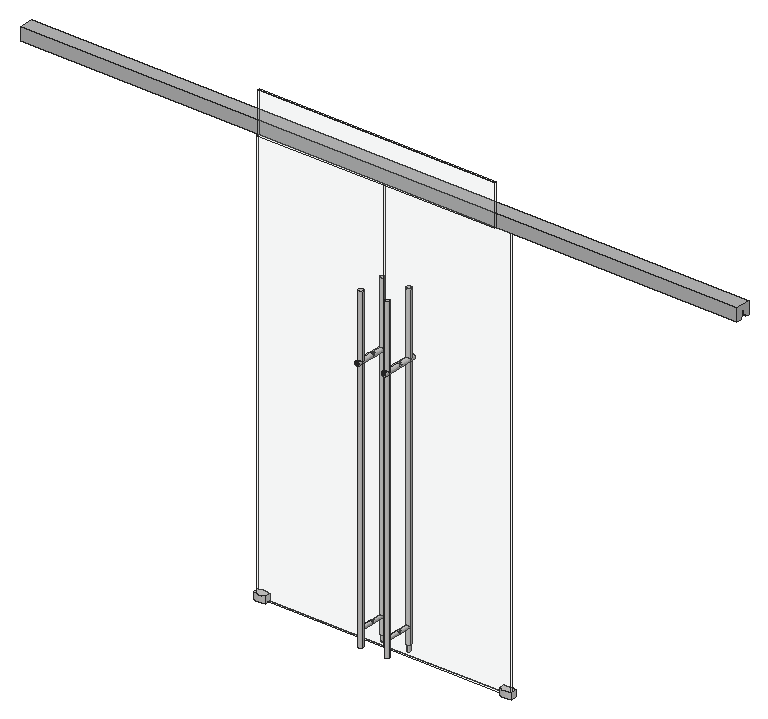
Revit family "Doors_Sliding_Avanti_Systems_Polaris-Auto-Magnetic-Slider_Pair-Glass-Mount-Dbl-Glazed", category Doors, Revit 2015
Parameters (values of type "Load Family Type Catalog")
  Youtube clip = ""
  Weight Net (Kg) = "0"
  Warranty = "1 year"  # constant formula
  Uniformat II Description = "Interior Doors"
  Uniformat II Code = "C1020"
  Uniclass 2015 Name = "Sliding door and partition sets"
  Uniclass 2015 Code = "Pr_30_59_24_80"
  Uniclass 2.0 Description = "Sliding Door And Partition Sets"
  Uniclass 2.0 Code = "PR-59-23-77"
  Uniclass 1.4 Description = "Doors"
  Uniclass 1.4 Code = "JL20"
  URL = "www.avantisystemsusa.com"
  UNSPSC Code = "30171501"
  Type = 1
  Transome Glass Width [instance] = 44.52984"
  Transome Glass Height [instance] = 7 13/16"
  Transom height [instance] = 8"
  Thickness = if(Type = 1, 1/2", if(Type = 2, 3/8", if(Type = 3, 7/16", if(Type = 4, 9/16", 3/4"))))  # 1/2"
  Technical description = ""
  Stainless Steel Finish = "Yes"  # constant formula
  Sound Rating = 0
  Region South America = "All"
  Region Oceania = "All"
  Region North America = "All"
  Region Middle East = "All"
  Region Europe = "All"
  Region Asia = "All"
  Region Antarctica = "All"
  Region Africa = "All"
  Rail material [instance] = Polyester powder - Avanti - White aluminium METALLIC - RAL9006
  Rail Length [instance] = 3 * (Opening Width)  # 134.71452"
  QR code = "http://bimobject.com/avantisystems/product/avanti-polaris-auto-magnetic-slider"
  Product url = "https://www.avantisystemsusa.com/glass-products/doors/sliding-doors/automatic-doors/"
  Product group = "Automatic Doors"
  Product family = "Sliding Doors"
  Product data url = "https://bimobject.com/avantisystems/product/avanti-polaris-auto-magnetic-slider"
  Product certification = ""
  Product SKU = "avanti-polaris-auto-magnetic-slider"
  Product Guid = "5e847812-9909-4e74-9d64-870bde1c5a5f"
  Power = 110 V  # constant formula
  Opening Width [instance] = 44.90484"
  OmniClass Description = "Sliding All Glass Doors"
  OmniClass Code = "23-17 11 23 13"
  Nominal width = 0"
  Nominal height = 0"
  NBS Reference Description = "Sliding Door And Partition Sets"
  NBS Reference Code = "59-23-77"
  Model = "Polaris™  Auto Magnetic Slider"  # constant formula
  Material secondary = "Aluminium"
  Material main = "Glass"
  Masterformat 2014 Description = "Sliding Aluminum-Framed Glass Doors"
  Masterformat 2014 Code = "08 32 13"
  Manufacturer name = "Avanti Systems"
  Manufacturer country = ""
  Manufacturer = "Avanti Systems USA"  # constant formula
  Lock = "Thumb turn floor lock with a key"
  Ladder Pull Height [instance] = 18"
  LEED compatibility = "LEED 2009 (v3): MRc3, MRc4, MRc5, MRc7, EQc4.2, EQc8.1 and EQc8.2. LEED v4: MRc1, MRc3, MRc4, MRc8, EQc2, EQc7 and EQc8."  # constant formula
  Installation instructions = ""
  IFC Classification = "Door"
  Hardware material [instance] = Stainless Steel - Avanti- Brushed Finish
  Handle type [instance] = Handle : 60" Ladder Pull
  Half_width [instance] = (Opening Width / 2) + 1 1/2"  # 23.95242"
  Glazing = "Safety Glazing SGCC"
  Glass Width [instance] = 47.90484"
  Glass Material = Glass - Avanti -  Clear Tempered
  Glass Marker = yes
  Glass Height [instance] = 80.45245"
  Gap Thickness = if(Type = 1, (1 1/4"), if(Type = 2, (1 39/128"), if(Type = 3, (1 35/128" + 5" / 256), if(Type = 4, (1 27/128"), (1 15/128")))))  # 1 1/4"
  Function = Interior
  Edition number = 1
  EAN code = ""
  Design country = "United States"
  Description = "The newset innovation in modern interior office entryway design."  # constant formula
  Date of publishing = ""
  Clear Anodic Finish = "ASTM B221 (ASTM B221M)"  # constant formula
  COBIe Type Category = ""
  Brand url = "http://www.avantisystemsusa.com/"
  BIMobject main category code = "doors"
  BIMobject main category = "Doors"
  BIMobject category code = "doors-sliding"
  BIMobject category = "Sliding"
  Analytic Construction = "<None>"
Reference planes (in)
  plane 1 "Center (Front/Back)": y = 0
  plane 2: z = 0
  plane 3 "Center (Left/Right)": x = 10.62619
  plane 4: x = -11.82623
  plane 5: x = 33.07861
  plane 6 "Top": z = 87.24607
  plane 7 "Curtain_wall_center": y = 1.4375
  plane 8 "Curtain_wall_exterior": y = 1.6875
  plane 9 "Curtain_wall_interior": y = 1.1875
  plane 10 "Top_panel_height": z = 79.24607
  plane 11 "Doors_exterior": y = 3.4375
  plane 12 "Doors_center": y = 3.1875
  plane 13 "Doors_interior": y = 2.9375
  plane 14 "Door_offset_left": x = -13.32623
  plane 15 "Door_offset_top": z = 80.60436
  plane 16 "Handle_placement_top": z = 18
  plane 17 "Handle_placement_level": x = 8.12619
  plane 18: x = -11.3434
  plane 19: z = 0.15191
  plane 20: x = 34.57861
  plane 21: x = 13.12619
  plane 22: x = 32.59578
  plane 23: x = 6.72127
  plane 24: x = 77.98345
  plane 25: x = -56.73107
  plane 26: x = 32.89111
  plane 27: x = -11.63873
  plane 28: z = 87.05857
  plane 29: x = 22.6024
  plane 30: x = -1.35002
  plane 31: z = 40.30218
Forms (in)
  Extrusion 1, solid, material "Stainless Steel - Avanti- Brushed Finish" <- "Hardware material"
    sketch origin (0, 0, 0) x (1, 0, 0) y (0, 1, 0)
      loop
        arc (-13.58926, 2.67156) -> (-12.46633, 2.46923) -> (-11.3434, 2.67156) r 3.2173
        line (-11.3434, 2.67156) -> (-11.3434, 3.70344)
        arc (-11.3434, 3.70344) -> (-12.46633, 3.86477) -> (-13.58926, 3.70344) r 3.98879
        line (-13.58926, 3.70344) -> (-13.58926, 2.67156)
    from 0 to 1.21575
  Extrusion 2, void
    sketch origin (10.62619, 0, 0) x (0, 1, 0) y (0, 0, 1)
      loop
        line (3.4375, 1.21575) -> (2.9375, 1.21575) -> (2.9375, 0.15191) -> (3.4375, 0.15191) -> (3.4375, 1.21575)
    from -20.26303 to 20.26303
  Extrusion 3, solid, material "Stainless Steel - Avanti- Brushed Finish" <- "Hardware material"
    sketch origin (6.49788, 0, 0) x (-1, 0, 0) y (0, -1, 0)
      loop
        line (-28.34376, -2.67156) -> (-28.34376, -3.70344)
        arc (-28.34376, -3.70344) -> (-27.22083, -3.86477) -> (-26.0979, -3.70344) r 3.98879
        line (-26.0979, -3.70344) -> (-26.0979, -2.67156)
        arc (-26.0979, -2.67156) -> (-27.22083, -2.46923) -> (-28.34376, -2.67156) r 3.2173
    from 0 to 1.21575
  Extrusion 4, solid, material "Glass - Avanti -  Clear Tempered" <- "Glass Material"
    sketch origin (0, 0, 0) x (1, 0, 0) y (0, 0, 1)
      loop
        line (34.57861, 80.60436) -> (10.62619, 80.60436) -> (10.62619, 0.15191) -> (34.57861, 0.15191) -> (34.57861, 80.60436)
    from -3.4375 to -2.9375
  Extrusion 5, solid, material "Glass - Avanti -  Clear Tempered" <- "Glass Material"
    sketch origin (0, 0, 0) x (1, 0, 0) y (0, 0, 1)
      loop
        line (10.62619, 80.60436) -> (-13.32623, 80.60436) -> (-13.32623, 0.15191) -> (10.62619, 0.15191) -> (10.62619, 80.60436)
    from -3.4375 to -2.9375
  Sweep 6, solid, material "Polyester powder - Avanti - White aluminium METALLIC - RAL9006" <- "Rail material"
    path origin (0, 0, 0) x (1, 0, 0) y (0, 0, 1)
      loop
        line (77.98345, 80.60436) -> (-56.73107, 80.60436)
    profile origin (10.62619, 0, 80.60436) x (0, 0, -1) y (0, -1, 0)
      loop
        line (1.35828, -4.44977) -> (1.35828, -3.85922) -> (0.96064, -3.85922) -> (0.96064, -3.4375) -> (0, -3.4375) -> (0, -2.9375) -> (1.00001, -2.9375) -> (1.00001, -2.65601) -> (1.35828, -2.65601) -> (1.35828, -1.6875) -> (-1.00393, -1.6875) -> (-1.00393, -4.44977) -> (1.35828, -4.44977)
  Extrusion 7, solid, material "Glass - Avanti -  Clear Tempered" <- "Glass Material"
    sketch origin (0, 0, 0) x (1, 0, 0) y (0, 1, 0)
      loop
        line (-11.63873, 1.6875) -> (-11.63873, 1.1875) -> (32.89111, 1.1875) -> (32.89111, 1.6875) -> (-11.63873, 1.6875)
    from 79.24607 to 87.05857
Cuts and joins
  Extrusion 2 cuts Extrusion 1
  Extrusion 2 cuts Extrusion 3
Lines and regions (in)
  symbolic lines, style "0"
    curve 1: line (-13.58926, 2.6577, 0) -> (-13.58926, 3.72828, 0)
    curve 2: line (-11.3434, 2.67802, 0) -> (-11.3434, 3.72828, 0)
    curve 3: circle (-13.32623, 3.21094, 0) r 0.22256 normal (0, 0, 1)
    curve 4: circle (-13.32623, 3.21094, 0) r 0.13151 normal (0, 0, 1)
    curve 5: circle (-11.60642, 3.21094, 0) r 0.22256 normal (0, 0, 1)
    curve 6: circle (-11.60642, 3.21094, 0) r 0.13151 normal (0, 0, 1)
    curve 7: arc (-12.00141, 2.83663, 0) -> (-11.86945, 3.21094, 0) -> (-12.00141, 3.58525, 0) r 0.59687
    curve 8: arc (-12.93124, 3.58525, 0) -> (-13.0632, 3.21094, 0) -> (-12.93124, 2.83663, 0) r 0.59687
    curve 9: arc (-11.3434, 3.72828, 0) -> (-12.46633, 3.91727, 0) -> (-13.58926, 3.72828, 0) r 3.43052
    curve 10: line (-11.3434, 3.58525, 0) -> (-13.58926, 3.58525, 0)
    curve 11: line (-11.3434, 2.83663, 0) -> (-13.58926, 2.83663, 0)
    curve 23: arc (-11.3434, 2.67802, 0) -> (-12.46449, 2.46552, 0) -> (-13.58926, 2.6577, 0) r 3.2173
    curve 37: line (-11.3434, 2.9375, 0) -> (32.59578, 2.9375, 0)
    curve 38: line (32.59578, 2.9375, 0) -> (32.59578, 3.4375, 0)
    curve 39: line (-11.3434, 3.4375, 0) -> (32.59578, 3.4375, 0)
    curve 40: line (10.62619, 1.6875, 87.05857) -> (10.62619, 1.1875, 87.05857)
    curve 41: line (10.62619, 1.6875, 79.24607) -> (10.62619, 1.6875, 87.05857)
    curve 42: line (10.62619, 1.1875, 79.24607) -> (10.62619, 1.6875, 79.24607)
    curve 43: line (10.62619, 1.1875, 87.05857) -> (10.62619, 1.1875, 79.24607)
    curve 44: line (10.62619, 3.4375, 80.60436) -> (10.62619, 2.9375, 80.60436)
    curve 45: line (10.62619, 3.4375, 0.15191) -> (10.62619, 3.4375, 80.60436)
    curve 46: line (10.62619, 2.9375, 0.15191) -> (10.62619, 3.4375, 0.15191)
    curve 47: line (10.62619, 2.9375, 80.60436) -> (10.62619, 2.9375, 0.15191)
    curve 48: line (34.84164, 2.63426, 0) -> (34.84164, 3.70484, 0)
    curve 49: line (32.59578, 2.65458, 0) -> (32.59578, 3.70484, 0)
    curve 50: circle (34.57861, 3.1875, 0) r 0.22256 normal (0, 0, -1)
    curve 51: circle (34.57861, 3.1875, 0) r 0.13151 normal (0, 0, -1)
    curve 52: circle (32.85881, 3.1875, 0) r 0.22256 normal (0, 0, -1)
    curve 53: circle (32.85881, 3.1875, 0) r 0.13151 normal (0, 0, -1)
    curve 54: arc (33.25379, 2.81319, 0) -> (33.12184, 3.1875, 0) -> (33.25379, 3.56181, 0) r 0.59687
    curve 55: arc (34.18363, 3.56181, 0) -> (34.31558, 3.1875, 0) -> (34.18363, 2.81319, 0) r 0.59687
    curve 56: arc (32.59578, 3.70484, 0) -> (33.71871, 3.89383, 0) -> (34.84164, 3.70484, 0) r 3.43052
    curve 57: line (32.59578, 3.56181, 0) -> (34.84164, 3.56181, 0)
    curve 58: line (32.59578, 2.81319, 0) -> (34.84164, 2.81319, 0)
    curve 59: arc (32.59578, 2.65458, 0) -> (33.71688, 2.44208, 0) -> (34.84164, 2.63426, 0) r 3.2173
    curve 66: line (10.62619, 3.4375, 0) -> (10.62619, 2.9375, 0)
  symbolic lines, style "0", not visible
    curve 12: line (-11.39483, 5.72823, 0) -> (-11.39483, 4.65764, 0)
    curve 13: line (-13.64069, 5.7079, 0) -> (-13.64069, 4.65764, 0)
    curve 14: circle (-11.65786, 5.17499, 0) r 0.22256 normal (0, 0, 1)
    curve 15: circle (-11.65786, 5.17499, 0) r 0.13151 normal (0, 0, 1)
    curve 16: circle (-13.37767, 5.17499, 0) r 0.22256 normal (0, 0, 1)
    curve 17: circle (-13.37767, 5.17499, 0) r 0.13151 normal (0, 0, 1)
    curve 18: arc (-12.98268, 5.5493, 0) -> (-13.11464, 5.17499, 0) -> (-12.98268, 4.80068, 0) r 0.59687
    curve 19: arc (-12.05285, 4.80068, 0) -> (-11.92089, 5.17499, 0) -> (-12.05285, 5.5493, 0) r 0.59687
    curve 20: arc (-13.64069, 4.65764, 0) -> (-12.51776, 4.46865, 0) -> (-11.39483, 4.65764, 0) r 3.43052
    curve 21: line (-13.64069, 4.80068, 0) -> (-11.39483, 4.80068, 0)
    curve 22: line (-13.64069, 5.5493, 0) -> (-11.39483, 5.5493, 0)
    curve 24: arc (-13.64069, 5.7079, 0) -> (-12.51959, 5.9204, 0) -> (-11.39483, 5.72823, 0) r 3.2173
    curve 93: line (6.72127, 5.29609, 65.8125) -> (6.72127, 6.08546, 65.8125)
    curve 94: line (6.72127, 6.08546, 65.8125) -> (6.72127, 6.08546, 17.8125)
    curve 95: line (6.72127, 6.08546, 17.8125) -> (6.72127, 5.29945, 17.8125)
    curve 96: line (6.72127, 5.29945, 22.4226) -> (6.72127, 5.29945, 17.8125)
    curve 97: line (6.72127, 5.29609, 65.8125) -> (6.72127, 5.29609, 61.1872)
    curve 98: line (6.72127, 5.29609, 61.1872) -> (6.72127, 3.41797, 61.1872)
    curve 99: line (6.72127, 5.29609, 23.04236) -> (6.72127, 5.29609, 60.5619)
    curve 100: line (6.72127, 5.29609, 60.5619) -> (6.72127, 3.41797, 60.5619)
    curve 101: line (6.72127, 5.29609, 23.04236) -> (6.72127, 3.41797, 23.04236)
    curve 102: line (6.72127, 5.29945, 22.4226) -> (6.72127, 3.41797, 22.4226)
    curve 103: line (6.72127, 1.04399, 65.8125) -> (6.72127, 0.25048, 65.8125)
    curve 104: line (6.72127, 0.25048, 65.8125) -> (6.72127, 0.25048, 17.8125)
    curve 105: line (6.72127, 0.25048, 17.8125) -> (6.72127, 1.04063, 17.8125)
    curve 106: line (6.72127, 1.04399, 65.8125) -> (6.72127, 1.04399, 61.1872)
    curve 107: line (6.72127, 1.04399, 61.1872) -> (6.72127, 2.91797, 61.1872)
    curve 108: line (6.72127, 1.04399, 23.04236) -> (6.72127, 1.04399, 60.5619)
    curve 109: line (6.72127, 1.04399, 60.5619) -> (6.72127, 2.91797, 60.5619)
    curve 110: line (6.72127, 1.04399, 23.04236) -> (6.72127, 2.91797, 23.04236)
    curve 111: line (6.72127, 1.04063, 22.4226) -> (6.72127, 2.91797, 22.4226)
    curve 112: line (6.72127, 1.04063, 22.4226) -> (6.72127, 1.04063, 17.8125)
  symbolic lines, style "0", detail levels medium+fine
    curve 25: circle (8.12319, 5.71141, 0) r 0.39445 normal (0, 0, 1)
    curve 26: line (7.81318, 5.46751, 0) -> (7.81318, 3.4375, 0)
    curve 27: line (8.4362, 5.47137, 0) -> (8.4362, 3.4375, 0)
    curve 28: circle (8.12319, 0.66359, 0) r 0.39445 normal (0, 0, -1)
    curve 29: line (7.81318, 0.90749, 0) -> (7.81318, 2.9375, 0)
    curve 30: line (8.4362, 0.90363, 0) -> (8.4362, 2.9375, 0)
    curve 60: circle (8.12619, 5.71141, 0) r 0.39445 normal (0, 0, -1)
    curve 61: line (8.4362, 5.46751, 0) -> (8.4362, 3.4375, 0)
    curve 62: line (7.81318, 5.47137, 0) -> (7.81318, 3.4375, 0)
    curve 63: circle (8.12619, 0.66359, 0) r 0.39445 normal (0, 0, 1)
    curve 64: line (8.4362, 0.90749, 0) -> (8.4362, 2.9375, 0)
    curve 65: line (7.81318, 0.90363, 0) -> (7.81318, 2.9375, 0)
    curve 67: circle (13.12319, 5.71141, 0) r 0.39445 normal (0, 0, 1)
    curve 68: line (12.81318, 5.46751, 0) -> (12.81318, 3.4375, 0)
    curve 69: line (13.4362, 5.47137, 0) -> (13.4362, 3.4375, 0)
    curve 70: circle (13.12319, 0.66359, 0) r 0.39445 normal (0, 0, -1)
    curve 71: line (12.81318, 0.90749, 0) -> (12.81318, 2.9375, 0)
    curve 72: line (13.4362, 0.90363, 0) -> (13.4362, 2.9375, 0)
  symbolic lines, style "0", not visible, detail levels medium+fine
    curve 31: circle (20.74894, 4.89891, 0) r 0.39445 normal (0, 0, 1)
    curve 32: line (20.43894, 4.65501, 0) -> (20.43894, 2.625, 0)
    curve 33: line (21.06195, 4.65887, 0) -> (21.06195, 2.625, 0)
    curve 34: circle (20.74894, -0.14891, 0) r 0.39445 normal (0, 0, -1)
    curve 35: line (20.43894, 0.09499, 0) -> (20.43894, 2.125, 0)
    curve 36: line (21.06195, 0.09113, 0) -> (21.06195, 2.125, 0)
  symbolic lines, visible <- "Glass Marker"
    curve 73: line (19.77398, -0.24998, 37.47375) -> (25.43083, -0.24998, 43.13061)
    curve 74: line (22.6024, -0.24998, 38.45422) -> (24.45036, -0.24998, 40.30218)
    curve 75: line (20.75445, -0.24998, 40.30218) -> (22.6024, -0.24998, 42.15014)
    curve 83: line (-4.17844, -0.24998, 37.47375) -> (1.47841, -0.24998, 43.13061)
    curve 84: line (-1.35002, -0.24998, 38.45422) -> (0.49794, -0.24998, 40.30218)
    curve 85: line (-3.19797, -0.24998, 40.30218) -> (-1.35002, -0.24998, 42.15014)
  symbolic lines, not visible
    curve 76: line (20.75445, 0.25002, 40.30218) -> (24.45036, 0.25002, 40.30218)
    curve 81: line (-1.84534, 0.25002, 22.66367) -> (1.85057, 0.25002, 22.66367)
    curve 86: line (-3.19797, 0.25002, 40.30218) -> (0.49794, 0.25002, 40.30218)
    curve 91: line (-1.84534, 0.25002, 22.66367) -> (1.85057, 0.25002, 22.66367)
    curve 113: line (6.72127, 3.41797, 61.1872) -> (6.72127, 3.41797, 60.5619)
    curve 114: line (6.72127, 5.71046, 65.8125) -> (6.72127, 4.92109, 65.8125)
    curve 115: line (6.72127, 5.71046, 17.8125) -> (6.72127, 5.71046, 65.8125)
    curve 116: line (6.72127, 4.92157, 17.8125) -> (6.72127, 5.71046, 17.8125)
    curve 117: line (6.72127, 4.92109, 65.8125) -> (6.72127, 4.92109, 61.18529)
    curve 118: line (6.72127, 4.92109, 61.18529) -> (6.72127, 3.04297, 61.18529)
    curve 119: line (6.72127, 4.92123, 60.56099) -> (6.72127, 3.04297, 60.56099)
    curve 120: line (6.72127, 4.92123, 60.56099) -> (6.72127, 4.92123, 23.04228)
    curve 121: line (6.72127, 4.92123, 23.04228) -> (6.72127, 3.04297, 23.04228)
    curve 122: line (6.72127, 3.04297, 22.41638) -> (6.72127, 4.92157, 22.41638)
    curve 123: line (6.72127, 4.92157, 22.41638) -> (6.72127, 4.92157, 17.8125)
    curve 124: line (-13.45774, 3.21094, 0) -> (-13.19471, 3.21094, 0)
    curve 125: line (-11.52635, 5.17499, 0) -> (-11.78938, 5.17499, 0)
    curve 126: line (34.71013, 3.1875, 0) -> (34.4471, 3.1875, 0)
    curve 127: line (8.12319, 4.1875, 0) -> (8.12319, 4.77124, 0)
    curve 128: line (8.12619, 4.1875, 0) -> (8.12619, 4.77124, 0)
    curve 129: line (20.75195, 3.375, 0) -> (20.75195, 3.95874, 0)
    curve 130: line (13.12619, 4.1875, 0) -> (13.12619, 4.77124, 0)
    curve 131: line (8.12319, 2.34101, 0) -> (8.12319, 1.84101, 0)
    curve 132: line (8.12619, 2.34101, 0) -> (8.12619, 1.84101, 0)
    curve 133: line (20.75195, 1.52851, 0) -> (20.75195, 1.02851, 0)
    curve 134: line (13.12619, 2.34101, 0) -> (13.12619, 1.84101, 0)
  model lines, not visible
    curve 77: line (22.6024, 0.25002, 38.45422) -> (22.6024, 0.25002, 42.15014)
    curve 82: line (0.00262, 0.25002, 20.81572) -> (0.00262, 0.25002, 24.51163)
    curve 87: line (-1.35002, 0.25002, 38.45422) -> (-1.35002, 0.25002, 42.15014)
    curve 92: line (0.00262, 0.25002, 20.81572) -> (0.00262, 0.25002, 24.51163)
  symbolic lines, visible <- "Glass Marker", not visible
    curve 78: line (-2.82581, -0.24998, 19.83525) -> (2.83104, -0.24998, 25.4921)
    curve 79: line (0.00262, -0.24998, 20.81572) -> (1.85057, -0.24998, 22.66367)
    curve 80: line (-1.84534, -0.24998, 22.66367) -> (0.00262, -0.24998, 24.51163)
    curve 88: line (-2.82581, -0.24998, 19.83525) -> (2.83104, -0.24998, 25.4921)
    curve 89: line (0.00262, -0.24998, 20.81572) -> (1.85057, -0.24998, 22.66367)
    curve 90: line (-1.84534, -0.24998, 22.66367) -> (0.00262, -0.24998, 24.51163)
Text (in)
  text "Exterior" at (-45.72835, 31.38743, 0), in view "Ref. Level"
Dimensions and locks (in)
  equal spacing: plane 4, plane 3 "Center (Left/Right)", plane 5
  equal spacing: plane 8 "Curtain_wall_exterior", plane 7 "Curtain_wall_center", plane 9 "Curtain_wall_interior"
  equal spacing: plane 11 "Doors_exterior", plane 12 "Doors_center", plane 13 "Doors_interior"
  "Gap Thickness": plane 13 "Doors_interior" to plane 8 "Curtain_wall_exterior"
  "Thickness": plane 11 "Doors_exterior" to plane 13 "Doors_interior"
  "Thickness": plane 8 "Curtain_wall_exterior" to plane 9 "Curtain_wall_interior"
  "Ladder Pull Height": plane 2 to plane 16 "Handle_placement_top"
  locked: plane 4 to plane 18 at 0.48283
  locked: plane 17 "Handle_placement_level" to plane 3 "Center (Left/Right)" at 2.5
  locked: plane 21 to plane 3 "Center (Left/Right)" at 2.5
  plane 17 "Handle_placement_level" to plane 3 "Center (Left/Right)" to plane 21 = 2 1/2", 2 1/2"
  locked: plane 5 to plane 20 at 1.5
  locked: plane 14 "Door_offset_left" to plane 4 at 1.5
  "Opening Width": plane 4 to plane 5
  locked: plane 22 to plane 5 at 0.48283
  locked: plane 10 "Top_panel_height" to plane 15 "Door_offset_top" at 1.35828
  equal spacing: plane 25, plane 3 "Center (Left/Right)", plane 24
  "Rail Length": plane 25 to plane 24
  "Transom height": plane 10 "Top_panel_height" to plane 6 "Top"
  locked: plane 27 to plane 4 at 0.1875
  locked: plane 26 to plane 5 at 0.1875
  locked: plane 28 to plane 6 "Top" at 0.1875
  equal spacing: plane 20, plane 29, plane 3 "Center (Left/Right)"
  equal spacing: plane 3 "Center (Left/Right)", plane 30, plane 14 "Door_offset_left"
  equal spacing: plane 2, plane 31, plane 15 "Door_offset_top"
  Extrusion 5 to Extrusion 5 = 1/2"
  locked: nested 4 to curve 76 at 7
  locked: curve 76 to nested 5 at 7
  "Transome Glass Width": plane 27 to plane 26
  "Transome Glass Height": plane 10 "Top_panel_height" to plane 28
  locked: plane 2 to plane 19 at 0.15191
  "Glass Height": plane 19 to plane 15 "Door_offset_top"
  "Glass Width": plane 20 to plane 14 "Door_offset_left"
  plane 8 "Curtain_wall_exterior" to plane 9 "Curtain_wall_interior" = 1/2"
  locked: plane 1 "Center (Front/Back)" to plane 7 "Curtain_wall_center" at 1.4375
  locked: plane 11 "Doors_exterior" to nested 2 at 3
  locked: nested 3 to plane 11 "Doors_exterior" at 3
  aligned and locked: level to plane 2
  aligned and locked: curve 2 to plane 18
  aligned and locked: plane 11 "Doors_exterior" to curve 27
  aligned and locked: plane 11 "Doors_exterior" to curve 26
  aligned and locked: plane 13 "Doors_interior" to curve 30
  aligned and locked: plane 13 "Doors_interior" to curve 29
  aligned and locked: plane 11 "Doors_exterior" to Extrusion 2 sketch curve
  aligned and locked: Extrusion 2 sketch curve to plane 13 "Doors_interior"
  aligned and locked: Extrusion 1 to Extrusion 2 sketch curve
  aligned and locked: curve 46 to cut or joined group of Extrusion 1, Extrusion 2
  aligned and locked: curve 47 to cut or joined group of Extrusion 1, Extrusion 2
  aligned and locked: cut or joined group of Extrusion 1, Extrusion 2 to plane 2
  aligned and locked: Extrusion 3 to plane 22
  aligned and locked: Extrusion 4 sketch curve to plane 20
  aligned and locked: Extrusion 4 sketch curve to plane 15 "Door_offset_top"
  aligned and locked: Extrusion 4 sketch curve to plane 3 "Center (Left/Right)"
  aligned and locked: Extrusion 5 sketch curve to plane 15 "Door_offset_top"
  aligned and locked: Extrusion 5 sketch curve to plane 14 "Door_offset_left"
  aligned and locked: plane 22 to curve 49
  aligned and locked: plane 22 to curve 38
  aligned and locked: plane 11 "Doors_exterior" to curve 62
  aligned and locked: plane 13 "Doors_interior" to curve 65
  aligned and locked: plane 10 "Top_panel_height" to nested 1
  aligned and locked: Sweep 6 sketch curve to plane 15 "Door_offset_top"
  aligned and locked: plane 24 to Sweep 6 sketch curve
  aligned and locked: plane 25 to Sweep 6 sketch curve
  aligned and locked: curve 62 to curve 26
  aligned and locked: curve 65 to curve 29
  aligned and locked: Extrusion 7 sketch curve to plane 8 "Curtain_wall_exterior"
  aligned and locked: plane 9 "Curtain_wall_interior" to Extrusion 7 sketch curve
  aligned and locked: plane 11 "Doors_exterior" to curve 68
  aligned and locked: plane 13 "Doors_interior" to curve 71
  aligned and locked: Extrusion 5 to cut or joined group of Extrusion 1, Extrusion 2
  aligned and locked: Extrusion 4 to Extrusion 5
  aligned and locked: Extrusion 7 to plane 27
  aligned and locked: Extrusion 7 to plane 26
  aligned and locked: Extrusion 7 to plane 28
  aligned and locked: Extrusion 7 to plane 10 "Top_panel_height"
  aligned and locked: plane 31 to curve 76
  aligned and locked: curve 77 to plane 29
  aligned and locked: plane 31 to curve 86
  aligned and locked: curve 87 to plane 30
  aligned and locked: Sweep 6 to plane 8 "Curtain_wall_exterior"
  aligned and locked: Sweep 6 sketch curve to plane 11 "Doors_exterior"
  aligned and locked: Sweep 6 sketch curve to plane 13 "Doors_interior"
  aligned and locked: Extrusion 5 to plane 13 "Doors_interior"
  aligned and locked: plane 11 "Doors_exterior" to Extrusion 5
  aligned and locked: plane 11 "Doors_exterior" to Extrusion 4
  aligned and locked: Sweep 6 sketch curve to nested 1  (x2)
  aligned and locked: plane 12 "Doors_center" to nested 1
  aligned and locked: nested 4 to plane 29
  aligned and locked: nested 5 to plane 30
  aligned and locked: plane 19 to Extrusion 5
  aligned and locked: Extrusion 4 to plane 13 "Doors_interior"
  aligned and locked: plane 28 to curve 43
  aligned and locked: plane 3 "Center (Left/Right)" to Extrusion 5
  aligned and locked: plane 12 "Doors_center" to curve 126
  aligned and locked: plane 21 to nested 6
  aligned and locked: nested 7 to plane 17 "Handle_placement_level"
  aligned and locked: plane 2 to nested 6
  aligned and locked: plane 2 to nested 7
  aligned and locked: nested 7 to plane 11 "Doors_exterior"
  aligned and locked: nested 6 to plane 11 "Doors_exterior"
  aligned and locked: curve 128 to plane 17 "Handle_placement_level"
  aligned and locked: plane 17 "Handle_placement_level" to curve 132
  aligned and locked: plane 21 to curve 130
  aligned and locked: curve 134 to plane 21
  aligned and locked: curve 39 to plane 11 "Doors_exterior"
  aligned and locked: plane 30 to nested 2
  aligned and locked: plane 29 to nested 3
Automatic sketch dimensions
  Extrusion 1 sketch curve to plane 18 = 0"
  plane 4 to Extrusion 1 sketch curve = 0.6401"  (x2)
  plane 1 "Center (Front/Back)" to Extrusion 1 sketch curve = 0.12403"
  plane 14 "Door_offset_left" to Extrusion 1 sketch curve = 0.26303"
  Extrusion 1 sketch curve to plane 13 "Doors_interior" = 0.26594"
  plane 11 "Doors_exterior" to Extrusion 1 sketch curve = 0.26594"
  plane 11 "Doors_exterior" to Extrusion 1 sketch curve = 2.24903"
  level to Extrusion 2 sketch curve = 0.15191"
  Extrusion 3 sketch curve to plane 22 = 0"
  plane 5 to Extrusion 3 sketch curve = 0.6401"  (x2)
  Extrusion 3 sketch curve to plane 1 "Center (Front/Back)" = 0.12403"
  Extrusion 3 sketch curve to plane 20 = 0.26303"
  plane 13 "Doors_interior" to Extrusion 3 sketch curve = 0.26594"
  Extrusion 3 sketch curve to plane 11 "Doors_exterior" = 0.26594"
  Extrusion 3 sketch curve to plane 11 "Doors_exterior" = 2.24903"
  Extrusion 5 sketch curve to plane 3 "Center (Left/Right)" = 0"
  profile plane to Sweep 6 sketch curve = 1 1/256"
  Sweep 6 sketch curve to plane 1 "Center (Front/Back)" = 1 11/16"
  Sweep 6 sketch curve to profile plane = 1.35828"
  Sweep 6 sketch curve to Sweep 6 sketch curve = 0.39764"
  Sweep 6 sketch curve to Sweep 6 sketch curve = 0.03937"
  Sweep 6 sketch curve to Sweep 6 sketch curve = 0.35827"
  Sweep 6 sketch curve to Sweep 6 sketch curve = 0.28149"
  Sweep 6 sketch curve to profile plane = 0"
  curve 37 to plane 13 "Doors_interior" = 0"
  curve 37 to plane 18 = 0"
  curve 39 to plane 18 = 0"
  curve 66 to plane 3 "Center (Left/Right)" = 0"
  level to Extrusion 4 sketch curve = 0.15191"
  level to Extrusion 5 sketch curve = 0.15191"
  plane 5 to Extrusion 7 sketch curve = 3/16"
  Extrusion 7 sketch curve to plane 4 = 3/16"
  curve 97 to curve 99 = 0"
  curve 99 to curve 96 = 0.00336"
  curve 93 to curve 94 = 0.78937"
  curve 95 to curve 96 = 4.6101"
  curve 96 to curve 101 = 0.61976"
  curve 99 to curve 100 = 37 133/256"
  curve 99 to curve 98 = 0.6253"
  curve 97 to curve 94 = 4.6253"
  curve 113 to curve 99 = 1.87812"
  curve 101 to curve 99 = 1.87812"
  curve 102 to curve 101 = 0"
  curve 40 to plane 8 "Curtain_wall_exterior" = 0"
  curve 47 to plane 13 "Doors_interior" = 0"
  curve 46 to plane 11 "Doors_exterior" = 0"
  curve 43 to plane 9 "Curtain_wall_interior" = 0"
  curve 43 to plane 10 "Top_panel_height" = 0"
  curve 47 to plane 15 "Door_offset_top" = 0"
  curve 3 to curve 4 = 0"  (x4)
  curve 5 to curve 6 = 0"  (x4)
  curve 7 to curve 8 = 0"  (x4)
  curve 10 to curve 6 = 0.26303"
  curve 5 to curve 8 = 0.8599"
  curve 2 to curve 23 = 1.15021"
  curve 2 to curve 9 = 1.12293"
  curve 7 to curve 4 = 0.8599"
  curve 3 to curve 1 = 0.26303"
  curve 23 to curve 2 = 1.9544"
  curve 9 to curve 6 = 0.51734"
  curve 8 to curve 5 = 0"
  curve 1 to curve 4 = 0.51734"
  curve 5 to curve 2 = 0.53292"
  curve 23 to curve 9 = 2.17095"
  curve 5 to curve 7 = 0.39498"  (x2)
  curve 8 to curve 3 = 0.39498"
  curve 3 to curve 124 = 0.13151"
  curve 9 to curve 10 = 0.14303"
  curve 124 to curve 3 = 0"
  curve 14 to curve 15 = 0"  (x4)
  curve 16 to curve 17 = 0"  (x4)
  curve 18 to curve 19 = 0"  (x4)
  curve 21 to curve 17 = 0.26303"
  curve 16 to curve 19 = 0.8599"
  curve 13 to curve 24 = 1.15021"
  curve 13 to curve 20 = 1.12293"
  curve 18 to curve 15 = 0.8599"
  curve 14 to curve 12 = 0.26303"
  curve 24 to curve 13 = 1.9544"
  curve 20 to curve 17 = 0.51734"
  curve 19 to curve 16 = 0"
  curve 12 to curve 15 = 0.51734"
  curve 16 to curve 13 = 0.53292"
  curve 24 to curve 20 = 2.17095"
  curve 16 to curve 18 = 0.39498"  (x2)
  curve 19 to curve 14 = 0.39498"
  curve 14 to curve 125 = 0.13151"
  curve 20 to curve 21 = 0.14303"
  curve 125 to curve 14 = 0"
  curve 50 to curve 51 = 0"  (x4)
  curve 52 to curve 53 = 0"  (x4)
  curve 54 to curve 55 = 0"  (x4)
  curve 57 to curve 53 = 0.26303"
  curve 52 to curve 55 = 0.8599"
  curve 49 to curve 59 = 1.15021"
  curve 49 to curve 56 = 1.12293"
  curve 54 to curve 51 = 0.8599"
  curve 50 to curve 48 = 0.26303"
  curve 49 to curve 59 = 1.9544"
  curve 53 to curve 56 = 0.51734"
  curve 55 to curve 52 = 0"
  curve 51 to curve 48 = 0.51734"
  curve 49 to curve 52 = 0.53292"
  curve 56 to curve 59 = 2.17095"
  curve 52 to curve 54 = 0.39498"  (x2)
  curve 55 to curve 50 = 0.39498"
  curve 50 to curve 126 = 0.13151"
  curve 57 to curve 56 = 0.14303"
  curve 126 to curve 50 = 0"
  curve 61 to curve 60 = 0.31001"
  curve 61 to curve 127 = 0.31301"
  curve 61 to curve 62 = 0.62301"
  curve 60 to curve 62 = 0.24003"
  curve 61 to curve 127 = 0.69626"
  curve 127 to curve 127 = 0.58374"
  curve 127 to curve 62 = 3/4"
  curve 62 to curve 61 = 0"
  curve 26 to curve 25 = 0.31001"
  curve 26 to curve 128 = 0.31301"
  curve 26 to curve 27 = 0.62301"
  curve 27 to curve 25 = 0.24003"
  curve 128 to curve 26 = 0.69626"
  curve 128 to curve 128 = 0.58374"
  curve 27 to curve 128 = 3/4"
  curve 27 to curve 26 = 0"
  curve 32 to curve 31 = 0.31001"
  curve 32 to curve 129 = 0.31301"
  curve 32 to curve 33 = 0.62301"
  curve 33 to curve 31 = 0.24003"
  curve 129 to curve 32 = 0.69626"
  curve 129 to curve 129 = 0.58374"
  curve 33 to curve 129 = 3/4"
  curve 33 to curve 32 = 0"
  curve 68 to curve 67 = 0.31001"
  curve 68 to curve 130 = 0.31301"
  curve 68 to curve 69 = 0.62301"
  curve 69 to curve 67 = 0.24003"
  curve 130 to curve 68 = 0.69626"
  curve 130 to curve 130 = 0.58374"
  curve 69 to curve 130 = 3/4"
  curve 69 to curve 68 = 0"
  curve 64 to curve 63 = 0.31001"
  curve 64 to curve 131 = 0.31301"
  curve 64 to curve 65 = 0.62301"
  curve 65 to curve 63 = 0.24003"
  curve 131 to curve 64 = 0.93352"
  curve 131 to curve 131 = 1/2"
  curve 64 to curve 131 = 0.59649"
  curve 65 to curve 64 = 0"
  curve 29 to curve 28 = 0.31001"
  curve 29 to curve 132 = 0.31301"
  curve 29 to curve 30 = 0.62301"
  curve 28 to curve 30 = 0.24003"
  curve 29 to curve 132 = 0.93352"
  curve 132 to curve 132 = 1/2"
  curve 132 to curve 29 = 0.59649"
  curve 30 to curve 29 = 0"
  curve 35 to curve 34 = 0.31001"
  curve 35 to curve 133 = 0.31301"
  curve 35 to curve 36 = 0.62301"
  curve 34 to curve 36 = 0.24003"
  curve 35 to curve 133 = 0.93352"
  curve 133 to curve 133 = 1/2"
  curve 133 to curve 35 = 0.59649"
  curve 36 to curve 35 = 0"
  curve 71 to curve 70 = 0.31001"
  curve 71 to curve 134 = 0.31301"
  curve 71 to curve 72 = 0.62301"
  curve 70 to curve 72 = 0.24003"
  curve 71 to curve 134 = 0.93352"
  curve 134 to curve 134 = 1/2"
  curve 134 to curve 71 = 0.59649"
  curve 72 to curve 71 = 0"
  radius of curve 3 = 0.22256"
  radius of curve 5 = 0.22256"
  radius of curve 6 = 0.13151"
  radius of curve 14 = 0.22256"
  radius of curve 16 = 0.22256"
  radius of curve 17 = 0.13151"
  radius of curve 50 = 0.22256"
  radius of curve 52 = 0.22256"
  radius of curve 53 = 0.13151"
Nested families (in)
  nested 1: "Rail Detail" at (10.62619, 3.11364, 80.42718) x (0, 1, 0) z (1, 0, 0), type "Family9"
  nested 2: "Arrow" at (-1.35002, 6.4375, 0), type "arrow"
  nested 3: "Arrow" at (22.6024, 6.4375, 0) x (-1, 0, 0) z (0, 0, 1), type "arrow"
  nested 4: "Arrow" at (22.6024, 0, 47.30218) x (-1, 0, 0) z (0, -1, 0), type "arrow"
  nested 5: "Arrow" at (-1.35002, 0, 47.30218) x (1, 0, 0) z (0, -1, 0), type "arrow"
  nested 6: "Handle" at (11.50119, 1.5625, 38) x (1, 0, 0) z (0, -1, 0), type <- "Handle type", type "60" Ladder Pull", detail levels medium+fine
    with Locker yes
  nested 7: "Handle" at (6.50119, 1.5625, 38) x (1, 0, 0) z (0, -1, 0), type <- "Handle type", type "60" Ladder Pull", detail levels medium+fine
    with Locker yes
Definition of nested family "Handle"
  Parameters (values of type "48" Ladder Pull")
    Width = 54.28299"
    Type = 3
    Ladder Pool Height = 18"
    Ladder 60" = if(Type = 5, 1 = 1, 1 = 0)  # no
    Ladder = if(Type = 3, 1 = 1, 1 = 0)  # yes
    Thickness = 1/2"
    Panic hardware = if(Type = 4, 1 = 1, 1 = 0)  # no
    Material = none
    Locker [instance] = yes
    Height = 90 9/16"
    Glass door = if(Type = 2, 1 = 1, 1 = 0)  # no
    Framed door = if(Type = 1, 1 = 1, 1 = 0)  # no
    Default Elevation = 48"
  Types (2): name | Type | Ladder 60" | Ladder
    60" Ladder Pull | 5 | yes | no
    48" Ladder Pull | 3 | no | yes
  Reference planes (in)
    plane 1 "Center (Front/Back)": y = 0
    plane 2: z = 0
    plane 3 "Center (Left/Right)": x = 0
    plane 4 "door_up": z = -1.375
    plane 5 "door_down": z = -1.875
    plane 6: z = -3.25
    plane 7: x = -1.25
    plane 8: x = -43.31449
    plane 9: x = -46.03299
    plane 10: x = -43.31449
    plane 11: y = 51.9375
    plane 12: y = 0.625
    plane 13: y = 11.125
    plane 14: y = 52.5625
    plane 15: y = -38
    plane 16: x = -50.15799
    plane 17 "door": x = 4.125
    plane 18: x = 1.625
    plane 19: y = -20
  Forms (in)
    Sweep 1, solid, material <- "Material", visible <- "Panic hardware"
      path origin (0, 0, 0) x (1, 0, 0) y (0, 1, 0)
        loop
          line (-1.25, 51.9375) -> (-1.25, 4.25)
          arc (-1.25, 4.25) -> (-2.12868, 2.12868) -> (-4.25, 1.25) r 3
          line (-4.25, 1.25) -> (-43.31449, 1.25)
      profile origin (-1.25, 28.09375, 0) x (1, 0, 0) y (0, 0, 1)
        loop
          circle (0.625, 0.625) r 0.625
    Sweep 2, solid, material <- "Material", visible <- "Panic hardware"
      path origin (0, 0, 0) x (1, 0, 0) y (0, 0, 1)
        loop
          line (-43.31449, 0) -> (-44.06449, 0)
          arc (-44.06449, 0) -> (-44.57255, -0.21044) -> (-44.78299, -0.7185) r 0.7185
          line (-44.78299, -0.7185) -> (-44.78299, -1.375)
      profile origin (-43.68949, 0, 0) x (0, 0, -1) y (0, -1, 0)
        loop
          circle (-0.625, -0.625) r 0.625
    Sweep 3, solid, material <- "Material", visible <- "Panic hardware"
      path origin (0, 0, -6.75) x (1, 0, 0) y (0, 0, -1)
        loop
          line (-43.31449, -3.5) -> (-44.06449, -3.5)
          arc (-44.06449, -3.5) -> (-44.57255, -3.71044) -> (-44.78299, -4.2185) r 0.7185
          line (-44.78299, -4.2185) -> (-44.78299, -4.875)
      profile origin (-43.68949, 0, -3.25) x (0, 0, -1) y (0, -1, 0)
        loop
          circle (0.625, -0.625) r 0.625
    Sweep 4, solid, material <- "Material", visible <- "Panic hardware"
      path origin (-30, 0, -6.75) x (-1, 0, 0) y (0, 0, -1)
        loop
          line (13.31449, -3.5) -> (-28.0315, -3.5)
          arc (-28.0315, -3.5) -> (-28.53956, -3.71044) -> (-28.75, -4.2185) r 0.7185
          line (-28.75, -4.2185) -> (-28.75, -4.875)
      profile origin (-22.6415, 0, -3.25) x (0, 0, 1) y (0, -1, 0)
        loop
          circle (-0.625, -0.625) r 0.625
  Cuts and joins
    joined: Sweep 1, Sweep 2
    joined: Sweep 3, Sweep 4
  Dimensions and locks (in)
    "Thickness": plane 5 "door_down" to plane 4 "door_up"
    locked: plane 3 "Center (Left/Right)" to plane 7 at 1.25
    locked: plane 9 to plane 8 at 2.7185
    locked: plane 9 to Sweep 3 sketch curve at 1.25
    locked: Sweep 2 sketch curve to plane 9 at 1.25
    locked: plane 10 to plane 9 at 2.7185
    locked: Sweep 1 sketch curve to plane 1 "Center (Front/Back)" at 1.25
    locked: plane 3 "Center (Left/Right)" to nested 1 at 0.125
    locked: plane 4 "door_up" to plane 2 at 1.375
    locked: plane 6 to plane 5 "door_down" at 1.375
    locked: plane 12 to plane 1 "Center (Front/Back)" at 0.625
    locked: plane 13 to plane 12 at 10.5
    locked: plane 14 to plane 11 at 0.625
    "Height": plane 14 to plane 15
    locked: plane 1 "Center (Front/Back)" to plane 15 at 38
    locked: plane 3 "Center (Left/Right)" to plane 17 "door" at 4.125
    "Width": plane 16 to plane 17 "door"
    locked: plane 16 to plane 10 at 6.8435
    locked: plane 18 to plane 17 "door" at 2.5
    "Ladder Pool Height": plane 19 to plane 15
    aligned and locked: level to plane 2
    aligned and locked: plane 4 "door_up" to cut or joined group of Sweep 1, Sweep 2
    aligned and locked: Sweep 2 sketch curve to plane 4 "door_up"
    aligned and locked: Sweep 3 sketch curve to plane 5 "door_down"
    aligned and locked: plane 6 to Sweep 3 sketch curve
    aligned and locked: plane 7 to Sweep 4 sketch curve
    aligned and locked: Sweep 4 sketch curve to plane 6
    aligned and locked: plane 8 to Sweep 4 sketch curve
    aligned and locked: plane 8 to Sweep 3 sketch curve
    aligned and locked: plane 10 to Sweep 2 sketch curve
    aligned and locked: plane 10 to Sweep 1 sketch curve
    aligned and locked: plane 11 to Sweep 1 sketch curve
    aligned and locked: plane 5 "door_down" to Sweep 4 sketch curve
    aligned and locked: nested 1 to plane 4 "door_up"
    aligned and locked: plane 13 to nested 1
    aligned and locked: nested 2 to plane 4 "door_up"
    aligned and locked: plane 3 "Center (Left/Right)" to nested 2
    aligned and locked: nested 2 to plane 11
    aligned and locked: nested 2 to plane 14
    aligned and locked: plane 18 to nested 3
    aligned and locked: plane 1 "Center (Front/Back)" to nested 3
    aligned and locked: nested 4 to plane 18
    aligned and locked: nested 4 to plane 1 "Center (Front/Back)"
    aligned and locked: nested 5 to plane 4 "door_up"
    aligned and locked: nested 5 to plane 17 "door"
    aligned and locked: nested 5 to plane 1 "Center (Front/Back)"
    aligned and locked: nested 6 to plane 4 "door_up"
    aligned and locked: plane 5 "door_down" to nested 7
    aligned and locked: nested 7 to plane 19
    aligned and locked: plane 19 to nested 6
    aligned and locked: nested 6 to plane 18
    aligned and locked: nested 7 to plane 18
    aligned and locked: plane 4 "door_up" to nested 8
    aligned and locked: plane 15 to nested 8
    aligned and locked: plane 5 "door_down" to nested 9
    aligned and locked: nested 9 to plane 15
    aligned and locked: plane 18 to nested 8
    aligned and locked: plane 18 to nested 9
  Nested families (in)
    nested 1: "Family2" at (-1.125, 11.125, 0.22234), visible <- "Panic hardware", type "Family2"
      with Lock yes
    nested 2: "Family3" at (-0.26102, 51.9375, -1.63602), visible <- "Panic hardware", type "Family3"
      with Thickness 1/2"
    nested 3: "Handle Timber" at (1.625, 0, -1.875), Locker <- "Locker", visible <- "Framed door", type "Handle Timber"
      with Locker yes
    nested 4: "Handle Timber" at (1.625, 0, -1.375) x (1, 0, 0) z (0, 0, -1), Locker <- "Locker", visible <- "Framed door", type "Handle Timber"
      with Locker yes
    nested 5: "Hinged Framed Swing locker" at (3.22214, -1.5625, -5.625), Handle and assembly material <- "Material", visible <- "Glass door", type "Hinged Framed Swing locker"
      with Handle and assembly material none
    nested 6: "Handle_For-Glass_Rounded_600mm" at (1.625, 13.36577, -1.375) x (-1, 0, 0) z (0, 0, -1), Handle Material <- "Material", visible <- "Ladder", type "Handle_For-Glass_Rounded_600mm"
      with Handle Material none, Handle Height 48"
    nested 7: "Handle_For-Glass_Rounded_600mm" at (1.625, -5.36577, -1.875) x (-1, 0, 0) z (0, 0, 1), Handle Material <- "Material", visible <- "Ladder", type "Handle_For-Glass_Rounded_600mm"
      with Handle Material none, Handle Height 48"
    nested 8: "Handle_For-Glass_Rounded_60in" at (1.625, 2.47039, -1.375), visible <- "Ladder 60"", Handle Material <- "Material", type "60""
      with No locker yes, Locker no, Handle Material none, Handle Height 60"
    nested 9: "Handle_For-Glass_Rounded_60in2" at (1.625, 2.47039, -1.875), visible <- "Ladder 60"", Handle Material <- "Material", type "60""
      with No locker no, Locker yes, Handle Material none, Handle Height 60"
  Definition of nested family "Family2"
    Parameters (values of type "Family2")
      Thickness = 1/2"
      Material = none
      Lock = no
    Reference planes (in)
      plane 1 "Center (Front/Back)": y = 0
      plane 2: z = 0
      plane 3 "Center (Left/Right)": x = 0
      plane 4: z = -2.09734
      plane 5: z = -1.59734
    Forms (in)
      Extrusion 1, solid, material <- "Material"
        sketch origin (0, 0, 0) x (0, 1, 0) y (0, 0, 1)
          loop
            line (5.04078, -0.345) -> (5.04078, 0) -> (-2.39922, 0) -> (-2.39922, -0.345) -> (5.04078, -0.345)
        from 0 to 1
      Extrusion 2, solid, material <- "Material"
        sketch origin (0, 0, 0) x (0, 1, 0) y (0, 0, 1)
          loop
            line (-0.3074, -0.345) -> (-1.4374, -0.345) -> (-1.4374, -1.31734) -> (-0.3074, -1.31734) -> (-0.3074, -0.345)
        from 0.32565 to 0.66353
      Extrusion 3, solid, material <- "Material"
        sketch origin (0, 0, 0) x (0, 1, 0) y (0, 0, 1)
          loop
            line (-1.4374, -1.31734) -> (-1.4374, -1.59734) -> (1.43807, -1.59734) -> (1.43807, -1.31734) -> (-1.4374, -1.31734)
          loop
            line (1.45803, -2.09734) -> (-1.41697, -2.09734) -> (-1.41697, -3.82961)
            arc (-1.41697, -3.82961) -> (-1.36191, -3.96254) -> (-1.22897, -4.01761) r 0.188
            line (-1.22897, -4.01761) -> (1.27003, -4.01761)
            arc (1.27003, -4.01761) -> (1.40297, -3.96254) -> (1.45803, -3.82961) r 0.188
            line (1.45803, -3.82961) -> (1.45803, -2.09734)
        from 0 to 1
      Extrusion 4, solid, material <- "Material"
        sketch origin (0, 0, 0) x (0, 1, 0) y (0, 0, 1)
          loop
            arc (-3.2641, -0.65221) -> (-3.242, -0.64306) -> (-3.23285, -0.62096) r 0.03125
            line (-3.23285, -0.62096) -> (-3.23285, 0) -> (-3.4516, 0) -> (-3.4516, -0.62096)
            arc (-3.4516, -0.62096) -> (-3.44244, -0.64306) -> (-3.42035, -0.65221) r 0.03125
            line (-3.42035, -0.65221) -> (-3.2641, -0.65221)
        from 0.32565 to 0.66353
      Extrusion 5, solid, material <- "Material", visible <- "Lock"
        sketch origin (1, 0, 0) x (0, 1, 0) y (0, 0, 1)
          loop
            circle (0.20853, -3.12734) r 0.58
          loop
            circle (0.20853, -3.12734) r 0.5625
          loop
            circle (-0.07272, -3.12734) r 0.22671
        from 0 to 0.25
      Extrusion 6, solid, material <- "Material", visible <- "Lock"
        sketch origin (1, 0, 0) x (0, 1, 0) y (0, 0, 1)
          loop
            circle (0.20853, -3.12734) r 0.5625
        from 0 to 0.20472
      Extrusion 7, solid, material <- "Material", visible <- "Lock", not visible
        sketch origin (1, 0, 0) x (0, 1, 0) y (0, 0, 1)
          loop
            circle (0.20853, -3.12734) r 0.58
          loop
            circle (0.20853, -3.12734) r 0.5625
          loop
            circle (-0.07272, -3.12734) r 0.22671
        from 0 to 0.25
      Extrusion 8, solid, material <- "Material", visible <- "Lock", not visible
        sketch origin (1, 0, 0) x (0, 1, 0) y (0, 0, 1)
          loop
            circle (0.20853, -3.12734) r 0.5625
        from 0 to 0.20472
    Lines and regions (in)
      model lines, not visible
        curve 1: line (0, -0.35397, -3.12734) -> (0, 0.39603, -3.12734)
        curve 2: line (0, -0.35397, -3.12734) -> (0, 0.39603, -3.12734)
    Dimensions and locks (in)
      "Thickness": plane 4 to plane 5
      locked: plane 5 to plane 2 at 1.59734
      aligned and locked: level to plane 2
      aligned and locked: plane 5 to Extrusion 3 sketch curve
      aligned and locked: Extrusion 3 sketch curve to Extrusion 2
      aligned and locked: Extrusion 3 sketch curve to plane 4
  Definition of nested family "Family3"
    Parameters (values of type "Family3")
      Thickness = 0.50125"
      Material = none
    Reference planes (in)
      plane 1 "Center (Front/Back)": y = 0
      plane 2: z = 0
      plane 3 "Center (Left/Right)": x = 0
      plane 4: z = 0.26102
      plane 5: z = -0.24023
    Forms (in)
      Extrusion 1, solid, material <- "Material"
        sketch origin (-0.98898, 0.625, 0.26102) x (0, 0, -1) y (0, 1, 0)
          loop
            line (-0.28125, 0.125) -> (-0.28125, -2.375) -> (0, -2.375) -> (0, 0) -> (0.50125, 0) -> (0.50125, -2.37518) -> (0.78125, -2.37518) -> (0.78125, 0.125) -> (-0.28125, 0.125)
        from 0 to 1.25
      Revolve 2, solid, material <- "Material"
        sketch origin (-0.36398, 0.615, 0.26102) x (0, 0, -1) y (0, 1, 0)
          loop
            line (-0.28125, -0.615) -> (-1.5092, -0.615) -> (-1.5092, -0.995) -> (-0.28125, -0.995) -> (-0.28125, -0.615)
          axis (-1.5092, -0.995) -> (-0.28125, -0.995)
        angle from 0 to 360
    Dimensions and locks (in)
      "Thickness": plane 4 to plane 5
      locked: Extrusion 1 to plane 4 at 0.28125
      locked: plane 5 to Extrusion 1 at 0.28
      aligned and locked: level to plane 2
      aligned and locked: Extrusion 1 to plane 4
      aligned and locked: plane 5 to Extrusion 1
  Definition of nested family "Handle Timber"
    Parameters (values of type "Handle Timber")
      Locker [instance] = yes
      Handle material = none
      Default Elevation = 48"
    Reference planes (in)
      plane 1 "Center (Front/Back)": y = 0
      plane 2: z = 0
      plane 3 "Center (Left/Right)": x = 0
    Forms (in)
      Extrusion 1, solid, material <- "Handle material"
        sketch origin (0, 0.00944, 0.00975) x (-1, 0, 0) y (0, -1, 0.00026)
          loop
            line (0.82036, -6.01526) -> (0.82036, -4.11121)
            arc (0.82036, -4.11121) -> (0, -3.29085) -> (-0.82036, -4.11121) r 0.82036
            line (-0.82036, -4.11121) -> (-0.82036, -6.01526)
            arc (-0.82036, -6.01526) -> (0, -6.83563) -> (0.82036, -6.01526) r 0.82036
          loop
            line (0.82036, -0.95129) -> (0.82036, 0.95276)
            arc (0.82036, 0.95276) -> (0, 1.77313) -> (-0.82036, 0.95276) r 0.82036
            line (-0.82036, 0.95276) -> (-0.82036, -0.95129)
            arc (-0.82036, -0.95129) -> (0, -1.77165) -> (0.82036, -0.95129) r 0.82036
        from -0.36 to -0.00798
      Sweep 2, solid, material <- "Handle material"
        path origin (0, 0.00944, 0.00975) x (-1, 0, 0) y (0, 0.00026, 1)
          loop
            line (0.00372, -0.36) -> (0.00372, -2.13165)
            arc (0.00372, -2.13165) -> (0.19244, -2.58727) -> (0.64805, -2.77599) r 0.64433
            line (0.64805, -2.77599) -> (4.19136, -2.77599)
            arc (4.19136, -2.77599) -> (4.78191, -2.53137) -> (5.02652, -1.94082) r 0.83517
            line (5.02652, -1.94082) -> (5.02652, -0.63757)
        profile origin (-0.00372, 0.00911, -1.23607) x (-1, 0, 0) y (0, 1, -0.00026)
          loop
            circle (0, 0) r 0.3937
      Extrusion 3, solid, material <- "Handle material", visible <- "Locker"
        sketch origin (0, 0.00944, 0.00975) x (-1, 0, 0) y (0, -1, 0.00026)
          loop
            line (0.82009, 4.11958) -> (0.82408, 6.02363)
            arc (0.82408, 6.02363) -> (0.00543, 6.84571) -> (-0.81665, 6.02706) r 0.82036
            line (-0.81665, 6.02706) -> (-0.82063, 4.12301)
            arc (-0.82063, 4.12301) -> (-0.00199, 3.30093) -> (0.82009, 4.11958) r 0.82036
        from -0.36 to -0.01061
    Lines and regions (in)
      reference lines
        curve 1: line (0, 6.84506, 0) -> (0, -6.83627, 0)
        curve 2: line (-5.42022, 0.00893, 0) -> (0.82036, 0.00893, 0)
    Dimensions and locks (in)
      aligned and locked: level to plane 2
  Definition of nested family "Hinged Framed Swing locker"
    Parameters (values of type "Hinged Framed Swing locker")
      Thickness = 1/2"
      Lock = yes
      Handle and assembly material [instance] = none
    Reference planes (in)
      plane 1 "Center (Front/Back)": y = 0
      plane 2: z = 0
      plane 3 "Center (Left/Right)": x = 0
      plane 4: y = 0.59375
      plane 5: y = -0.59375
      plane 6: x = -1
      plane 7: x = 1
      plane 8: y = 0.25
      plane 9: y = -0.25
      plane 10: x = 1.5
      plane 11: z = 8
      plane 12: z = 4.6875
      plane 13: z = 3.6875
      plane 14: z = 3.125
      plane 15: x = 1.38539
      plane 16: z = 2.79297
      plane 17: y = 0.25
      plane 18: y = -0.25
      plane 19: x = 0.90286
      plane 20: z = 6.0625
      plane 21: y = -0.84375
      plane 22: y = -0.80275
      plane 23 "handle_center": z = 2.4375
      plane 24: x = -4.375
      plane 25: y = -1.23355
      plane 26: z = 2.69544
      plane 27: z = 2.17956
      plane 28: y = -2.05222
      plane 29: y = -2.71875
      plane 30: z = 2.69544
      plane 31: z = 2.17956
      plane 32: z = 4.25
      plane 33: z = 3.75
      plane 34: z = 4
    Forms (in)
      Extrusion 1, solid, material <- "Handle and assembly material"
        sketch origin (0, -4, 4) x (1, 0, 0) y (0, 0, -1)
          loop
            line (-1, 0.59375) -> (-1, 0.25) -> (0.90286, 0.25) -> (0.90286, -0.25) -> (-1, -0.25) -> (-1, -0.59375) -> (1, -0.59375) -> (1, 0.59375) -> (-1, 0.59375)
        from 0 to 8
      Extrusion 2, solid, material <- "Handle and assembly material", detail levels fine
        sketch origin (0, -4, 4) x (1, 0, 0) y (0, 0, -1)
          loop
            line (1, 0.25) -> (1, -0.25)
            arc (1, -0.25) -> (1.27121, -0.02121) -> (1.5, 0.25) r 2.09856
            line (1.5, 0.25) -> (1, 0.25)
        from 3.6875 to 4.6875
      Extrusion 3, solid, material <- "Handle and assembly material", detail levels fine
        sketch origin (0, -4, 4) x (1, 0, 0) y (0, 0, -1)
          loop
            line (1, 0.25) -> (1, -0.25)
            arc (1, -0.25) -> (1.0598, -0.20427) -> (1.0921, -0.13627) r 0.16012
            arc (1.0921, -0.13627) -> (1.11202, -0.10046) -> (1.14874, -0.08227) r 0.06897
            line (1.14874, -0.08227) -> (1.30312, -0.08227)
            arc (1.30312, -0.08227) -> (1.36129, -0.05818) -> (1.38539, 0) r 0.08227
            arc (1.38539, 0) -> (1.36129, 0.05818) -> (1.30312, 0.08227) r 0.08227
            line (1.30312, 0.08227) -> (1.14874, 0.08227)
            arc (1.14874, 0.08227) -> (1.11202, 0.10046) -> (1.0921, 0.13627) r 0.06897
            arc (1.0921, 0.13627) -> (1.0598, 0.20427) -> (1, 0.25) r 0.16012
        from 2.79297 to 3.125
      Extrusion 4, solid, material <- "Handle and assembly material", visible <- "Lock", detail levels medium+fine
        sketch origin (1, -4, 4.59375) x (-1, 0, 0) y (0, -1, 0)
          loop
            circle (1, -6.0625) r 0.63654
          loop
            circle (1, -6.0625) r 0.60041
        from 0 to 0.25
      Extrusion 5, solid, material <- "Handle and assembly material", visible <- "Lock", detail levels medium+fine
        sketch origin (1, -4, 4.59375) x (-1, 0, 0) y (0, -1, 0)
          loop
            circle (1, -6.0625) r 0.60041
        from 0 to 0.209
      Blend 6, solid, material <- "Handle and assembly material", visible <- "Lock", detail levels fine
        base sketch origin (1, -4, 4.80275) x (-1, 0, 0) y (0, -1, 0)
          loop
            circle (1, -5.84645) r 0.21605
        top sketch origin (1, -4, 4.80275) x (-1, 0, 0) y (0, -1, 0)
          loop
            circle (1, -5.84645) r 0.19257
        from 0 to 0.041
      Extrusion 7, solid, material <- "Handle and assembly material"
        sketch origin (1, -4, 4.59375) x (-1, 0, 0) y (0, -1, 0)
          loop
            circle (1, -2.4375) r 0.35547
        from 0 to 1.45847
      Extrusion 8, void
        sketch origin (0.04357, -4.04543, 4) x (0, 0, -1) y (-0.017452, 0.999848, 0)
          loop
            line (-1.23355, 2.79297) -> (-1.23355, 2.90667) -> (-2.86779, 2.90667) -> (-2.86779, 2.69544) -> (-1.36779, 2.69544)
            arc (-1.36779, 2.69544) -> (-1.28242, 2.71908) -> (-1.23355, 2.79297) r 0.12635
        from -3.60215 to 0.49573
      Extrusion 9, solid, material <- "Handle and assembly material"
        sketch origin (1, -4, 4.59375) x (-1, 0, 0) y (0, -1, 0)
          loop
            arc (0.71851, -2.22043) -> (0.66353, -2.32283) -> (0.64453, -2.4375) r 0.35547
            arc (0.64453, -2.4375) -> (0.66353, -2.55217) -> (0.71851, -2.65457) r 0.35547
            line (0.71851, -2.65457) -> (5.3098, -2.57443) -> (5.375, -2.50923) -> (5.375, -2.36577) -> (5.3098, -2.30057) -> (0.71851, -2.22043)
        from 1.45847 to 2.125
      Extrusion 10, void
        sketch origin (0.04357, 0.92043, 4) x (0, 0, -1) y (0.017452, 0.999848, 0)
          loop
            arc (-1.23355, -2.79297) -> (-1.28242, -2.71908) -> (-1.36779, -2.69544) r 0.12635
            line (-1.36779, -2.69544) -> (-2.86779, -2.69544) -> (-2.86779, -2.90667) -> (-1.23355, -2.90667) -> (-1.23355, -2.79297)
        from -3.60215 to 0.49573
      Extrusion 11, solid, material <- "Handle and assembly material"
        sketch origin (1, -4, 3.40625) x (0, 1, 0) y (1, 0, 0)
          loop
            circle (2.4375, -1) r 0.35547
        from 0 to 1.45847
      Extrusion 12, void
        sketch origin (0.04357, -4.04543, 4) x (0, 0, 1) y (0.017452, -0.999848, 0)
          loop
            arc (-1.23355, -2.79297) -> (-1.28242, -2.71908) -> (-1.36779, -2.69544) r 0.12635
            line (-1.36779, -2.69544) -> (-2.86779, -2.69544) -> (-2.86779, -2.90667) -> (-1.23355, -2.90667) -> (-1.23355, -2.79297)
        from -3.60215 to 0.49573
      Extrusion 13, solid, material <- "Handle and assembly material"
        sketch origin (1, -4, 3.40625) x (0, 1, 0) y (1, 0, 0)
          loop
            line (2.22043, -0.71851) -> (2.30057, -5.3098) -> (2.36577, -5.375) -> (2.50923, -5.375) -> (2.57443, -5.3098) -> (2.65457, -0.71851)
            arc (2.65457, -0.71851) -> (2.55217, -0.66353) -> (2.4375, -0.64453) r 0.35547
            arc (2.4375, -0.64453) -> (2.32283, -0.66353) -> (2.22043, -0.71851) r 0.35547
        from 1.45847 to 2.125
      Extrusion 14, void
        sketch origin (0.04357, 0.92043, 4) x (0, 0, 1) y (-0.017452, -0.999848, 0)
          loop
            line (-1.23355, 2.79297) -> (-1.23355, 2.90667) -> (-2.86779, 2.90667) -> (-2.86779, 2.69544) -> (-1.36779, 2.69544)
            arc (-1.36779, 2.69544) -> (-1.28242, 2.71908) -> (-1.23355, 2.79297) r 0.12635
        from -3.60215 to 0.49573
    Cuts and joins
      Extrusion 8, Extrusion 10, Extrusion 12, Extrusion 14 cuts Extrusion 7
      Extrusion 10, Extrusion 12, Extrusion 14 cuts Extrusion 9
      joined: Extrusion 7, Extrusion 9
      Extrusion 12, Extrusion 14 cuts Extrusion 11
      Extrusion 12 cuts Extrusion 13
      joined: Extrusion 11, Extrusion 13
    Lines and regions (in)
      reference lines
        curve 1: line (0.35547, -1.5625, 0) -> (-4.39453, -1.5625, 0)
    Dimensions and locks (in)
      plane 4 to plane 5 = 1 3/16"
      plane 6 to plane 7 = 2"
      plane 11 to plane 2 = 8"
      plane 11 to plane 12 to plane 13 to plane 14 to plane 16 = 3 5/16" locked, 1" locked, 9/16" locked, 85/256" locked
      equal spacing: plane 17, plane 1 "Center (Front/Back)", plane 18
      "Thickness": plane 17 to plane 18
      locked: plane 19 to plane 7 at 0.09714
      locked: plane 15 to plane 10 at 0.11461
      equal spacing: plane 6, plane 3 "Center (Left/Right)", plane 7
      locked: plane 11 to plane 20 at 1.9375
      locked: plane 5 to plane 21 at 0.25
      locked: plane 22 to plane 21 at 0.041
      locked: plane 11 to plane 23 "handle_center" at 5.5625
      locked: plane 24 to plane 7 at 5.375
      locked: plane 5 to plane 29 at 2.125
      "Thickness": plane 32 to plane 33
      locked: Extrusion 1 to plane 32 at 0.34375
      locked: plane 33 to Extrusion 1 at 0.34375
      aligned and locked: level to plane 2
      aligned and locked: Extrusion 1 sketch curve to plane 6  (x2)
      aligned and locked: plane 7 to Extrusion 1 sketch curve
      aligned and locked: plane 7 to Extrusion 3 sketch curve  (x2)
      aligned and locked: plane 15 to Extrusion 3 sketch curve
      aligned and locked: plane 7 to Extrusion 2 sketch curve  (x2)
      aligned and locked: plane 10 to Extrusion 2 sketch curve
      aligned and locked: plane 19 to Extrusion 1 sketch curve
      aligned and locked: Extrusion 1 to plane 32
      aligned and locked: plane 33 to Extrusion 1
    Automatic sketch dimensions
      Extrusion 1 sketch curve to plane 12 = 3/32"
      Extrusion 1 sketch curve to Extrusion 1 sketch curve = 11/32"
      plane 13 to Extrusion 1 sketch curve = 1/16"
      Extrusion 1 sketch curve to plane 13 = 9/32"
      plane 23 "handle_center" to Extrusion 2 sketch curve = 0.09981"
      Extrusion 2 sketch curve to plane 3 "Center (Left/Right)" = 0.21269"
      plane 13 to Extrusion 2 sketch curve = 1/16"
      Extrusion 3 sketch curve to Extrusion 3 sketch curve = 0"  (x2)
      plane 19 to Extrusion 3 sketch curve = 0.0325"  (x2)
      Extrusion 3 sketch curve to plane 7 = 0.14874"  (x2)
